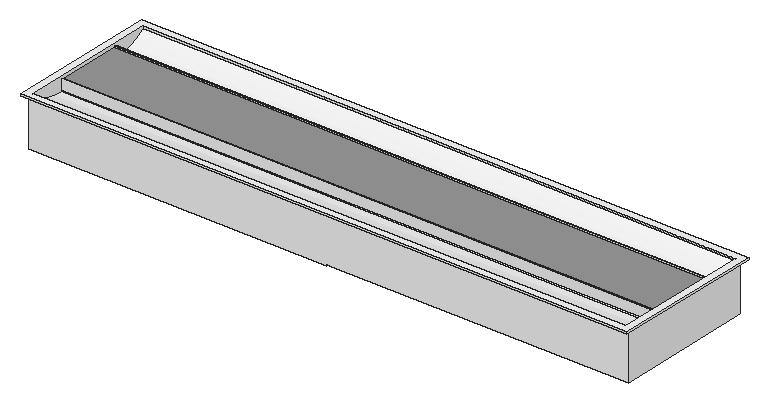
Revit family "2069264 Feilo Sylvania Lighting Fixture OFFICELYTE 1200 HE 3K DALI", category Lighting Fixtures, host Face, Revit 2017
Family settings
  Host = Face
  Round Connector Dimension = Use Diameter
  Part Type = Normal
  OmniClass Number = 23.80.70.11.17
  OmniClass Title = Specialized Lighting by Location or Use
  Cut with Voids When Loaded = No
  Light Source = Yes
  Shared = No
  Room Calculation Point = No
Parameters (values of type "2069264 OFFICELYTE 1200 HE 3K DALI")
  Width = 297.0 mm
  Weight = 5.90 kg
  Wattage = 24 W
  built-in parameter 1150110 = 1 (stored number, unit not read)
  Voltage Comments = "UNV (Universal Voltage; 230-240 Volt)"  # constant formula
  Voltage = 230 V  # constant formula
  URL = "http://www.sylvania-lighting.com"
  built-in parameter 1114217 = 1 (stored number, unit not read)
  Tilt Angle = 90.00°
  built-in parameter 1150109 = 1 (stored number, unit not read)
  built-in parameter 1150134 = (empty or 0)
  built-in parameter 1150113 = 1 (stored number, unit not read)
  Product Page URL = "http://www.sylvania-lighting.com/product/en-int/products/2069264"
  Product Family = "OFFICELYTE LP LED"  # constant formula
  Photometry Comments = ""
  Photometric Web File = "2069264.ies"
  Life = "50 000 h"  # constant formula
  Length = 1197.0 mm
  LOR = "100 %"
  Keynote = "16500"
  IP Rating = "IP40"  # constant formula
  IK Rating = "IK02"  # constant formula
  Glow Wire Test = 650 °C  # constant formula
  Glare Control = "UGR <19"  # constant formula
  Electrical Protection = "CLASS I"  # constant formula
  Diffuser Material = Acrylic_Sylvania_Officelyte LP LED_Satin_4000K
  Height = 95.0 mm
  built-in parameter 1114216 [instance] = 1 (stored number, unit not read)
  Model = "OFFICELYTE 1200 HE 3K DALI"
  Manufacturer = "Havells-Sylvania Group"  # constant formula
  built-in parameter 1150105 = 1780.2 (stored number, unit not read)
  Lumens = 3240 lm
  built-in parameter 1150115 = 1 (stored number, unit not read)
  built-in parameter 1150137 = (empty or 0)
  built-in parameter 1150139 = (empty or 0)
  built-in parameter 1150112 = 1 (stored number, unit not read)
  built-in parameter 1150114 = 1 (stored number, unit not read)
  Lamp = "LED"
  built-in parameter 1150132 = 2
  built-in parameter 1150102 = (empty or 0)
  built-in parameter 1150107 = 3000 (stored number, unit not read)
  built-in parameter 1150138 = (empty or 0)
  built-in parameter 1150106 = 17.802 (stored number, unit not read)
  Reflector Material = Steel_Sylvania_Officelyte LP LED_White_RAL 9016
  Emit from Rectangle Width = 564.0 mm
  Emit from Rectangle Length = 564.0 mm
  Emit Shape Visible in Rendering = no
  built-in parameter 1150104 = 12.542 (stored number, unit not read)
  Dimming Lamp Color Temperature Shift = <None>
  CRI ( Ra ) = 85
  Body Material = Steel_Sylvania_Officelyte LP LED_White_RAL 9016
  Description = "The Concord OFFICELYTE LP LED HO 4K 600 is a high efficient luminaire for Office, education, meeting rooms. With efficacy of 95lm/W, at 4549lm, CRI of 85 and a very low glare ratio according to EN12464."  # constant formula
  Default Elevation = 0.0 mm
  Color Filter = 16777215
  Catalog Number = "2064456 OFFICELYTE LP LED HE 4K 600"
  built-in parameter 1140040 [instance] = 1
  built-in parameter 1114218 = 1 (stored number, unit not read)
  built-in parameter 1150133 = 10 (stored number, unit not read)
  Assembly Code = "D5020200"
  Apparent Load Comments = ""
  Apparent Load = 24 VA
Reference planes
  plane 1 "Center (Front/Back)": x = 0.711
  plane 2: z = 0
  plane 3 "Center (Left/Right)": y = -70.403
  plane 4 "Fixture Bottom": z = 3
  plane 5 "Fixture Right": y = 78.097
  plane 6 "Profile Right": y = 64.597
  plane 7 "Profile Left": y = -205.403
  plane 8 "Fixture Left": y = -218.903
  plane 9 "Profile Back": x = -578.136
  plane 10 "Fixture Back": x = -591.636
  plane 11 "Fixture Front": x = 599.211
  plane 12: z = -25
  plane 13 "Box Right": y = 66.597
  plane 14 "Box Left": y = -207.403
  plane 15 "Box Back": x = -584.886
  plane 16 "Box Front": x = 587.711
  plane 17: y = -3.903
  plane 18: y = -136.903
  plane 19 "Difuser Right": y = -6.903
  plane 20 "Difuser Left": y = -133.903
  plane 21: z = -2
  plane 22: z = -4
  plane 23 "Profile Front": x = 585.711
  plane 24 "Fixture Top": z = -95
  plane 25 "Box Thickness": z = -93
  plane 26: z = -20
  plane 27: x = -597.789
  plane 28: x = 599.211
Forms (mm)
  Extrusion 1, void
    sketch origin (0, 0, 59) x (-1, 0, 0) y (0, -1, 0)
      loop
        line (-587.711, -66.597) -> (584.886, -66.597) -> (584.886, 207.403) -> (-587.711, 207.403) -> (-587.711, -66.597)
    from -152 to -56
  Extrusion 2, solid, material "Steel_Sylvania_Officelyte LP LED_White_RAL 9016" <- "Reflector Material", detail levels fine
    sketch origin (-294.136, -50.403, 59) x (0, -1, 0) y (1, 0, 0)
      loop
        line (-128.5, -297.5) -> (168.5, -297.5) -> (168.5, 893.347) -> (-128.5, 893.347) -> (-128.5, -297.5)
      loop
        line (155, -284) -> (155, 879.847) -> (-115, 879.847) -> (-115, -284) -> (155, -284)
    from -59 to -56
  Extrusion 3, solid, material "Steel_Sylvania_Officelyte LP LED_White_RAL 9016" <- "Reflector Material", detail levels fine
    sketch origin (0.711, -70.403, 0) x (0, 1, 0) y (0, 0, 1)
      loop
        arc (-65.868, -23.244) -> (-102.251, -17.422) -> (-135, -0.537) r 116.591
        line (-135, -0.537) -> (-135, -2.581)
        arc (-135, -2.581) -> (-102.244, -19.433) -> (-65.868, -25.244) r 116.772
        line (-65.868, -25.244) -> (65.87, -25.244)
        arc (65.87, -25.244) -> (102.245, -19.434) -> (135, -2.581) r 116.769
        line (135, -2.581) -> (135, -0.538)
        arc (135, -0.538) -> (102.252, -17.422) -> (65.87, -23.244) r 116.587
        line (65.87, -23.244) -> (-65.868, -23.244)
    from -578.847 to 585
  Extrusion 4, solid, material "Steel_Sylvania_Officelyte LP LED_White_RAL 9016" <- "Reflector Material", detail levels fine
    sketch origin (-294.136, -70.403, 59) x (0, -1, 0) y (1, 0, 0)
      loop
        line (135, -284) -> (135, 879.847) -> (-135, 879.847) -> (-135, -284) -> (135, -284)
      loop
        line (137, -290.75) -> (137, 886.648) -> (-137, 886.648) -> (-137, -290.75) -> (137, -290.75)
    from -152 to -59
  Extrusion 5, solid, material "Steel_Sylvania_Officelyte LP LED_White_RAL 9016" <- "Reflector Material", detail levels fine
    sketch origin (0, 0, 59) x (-1, 0, 0) y (0, -1, 0)
      loop
        line (578.136, 133.903) -> (578.136, 136.903) -> (-585.711, 136.903) -> (-585.711, 133.903) -> (578.136, 133.903)
      loop
        line (-585.711, 6.903) -> (-585.711, 3.903) -> (578.136, 3.903) -> (578.136, 6.903) -> (-585.711, 6.903)
    from -79 to -59
  Extrusion 6, solid, material "Acrylic_Sylvania_Officelyte LP LED_Satin_4000K" <- "Diffuser Material", detail levels fine
    sketch origin (0, 0, -581) x (-1, 0, 0) y (0, -1, 0)
      loop
        line (578.136, 133.903) -> (-585.711, 133.903) -> (-585.711, 6.903) -> (578.136, 6.903) -> (578.136, 133.903)
    from 577 to 579
  Extrusion 7, solid, material "Steel_Sylvania_Officelyte LP LED_White_RAL 9016" <- "Body Material", detail levels coarse+medium
    sketch origin (-294.136, -70.403, 59) x (0, -1, 0) y (1, 0, 0)
      loop
        line (148.5, -297.5) -> (148.5, 893.347) -> (-148.5, 893.347) -> (-148.5, -297.5) -> (148.5, -297.5)
    from -59 to -56
  Extrusion 8, solid, material "Steel_Sylvania_Officelyte LP LED_White_RAL 9016" <- "Body Material", detail levels coarse+medium
    sketch origin (0, 0, -501) x (-1, 0, 0) y (0, -1, 0)
      loop
        line (584.886, -66.597) -> (584.886, 207.403) -> (-587.711, 207.403) -> (-587.711, -66.597) -> (584.886, -66.597)
    from 406 to 501
  Extrusion 9, solid, material "Steel_Sylvania_Officelyte LP LED_White_RAL 9016" <- "Reflector Material", detail levels fine
    sketch origin (-294.136, -70.403, 59) x (0, -1, 0) y (1, 0, 0)
      loop
        line (-137, -290.75) -> (137, -290.75) -> (137, 294.847) -> (-137, 294.847) -> (-137, -290.75)
    from -154 to -152
Cuts and joins
  joined: Extrusion 2, Extrusion 4, Extrusion 9
  joined: Extrusion 3, Extrusion 5
Lines and regions (mm)
  symbolic lines
    curve 1: line (-591.636, -218.903, 59) -> (-591.636, 78.097, 59)
    curve 2: line (599.211, -218.903, 59) -> (-591.636, -218.903, 59)
    curve 3: line (599.211, 78.097, 59) -> (599.211, -218.903, 59)
    curve 4: line (-591.636, 78.097, 59) -> (599.211, 78.097, 59)
Dimensions and locks
  "Height": host face to plane 24 "Fixture Top"
  locked: plane 25 "Box Thickness" to plane 24 "Fixture Top" at 2
  plane 18 to plane 20 "Difuser Left" = 3.0 mm
  plane 19 "Difuser Right" to plane 17 = 3.0 mm
  plane 8 "Fixture Left" to plane 14 "Box Left" to plane 7 "Profile Left" = 11.5 mm, 2.0 mm
  plane 10 "Fixture Back" to plane 15 "Box Back" to plane 9 "Profile Back" = 6.75 mm, 6.75 mm
  plane 6 "Profile Right" to plane 13 "Box Right" to plane 5 "Fixture Right" = 2.0 mm, 11.5 mm
  plane 23 "Profile Front" to plane 16 "Box Front" to plane 11 "Fixture Front" = 2.0 mm, 11.5 mm
  plane 4 "Fixture Bottom" to plane 2 to plane 21 to plane 22 to plane 12 = 3.0 mm locked, 2.0 mm locked, 2.0 mm locked, 21.0 mm locked
  equal spacing: plane 8 "Fixture Left", plane 3 "Center (Left/Right)", plane 5 "Fixture Right", locked at 148.5 each
  "Width": plane 8 "Fixture Left" to plane 5 "Fixture Right"
  equal spacing: plane 27, plane 1 "Center (Front/Back)", plane 28, locked at 598.5 each
  "Length": plane 27 to plane 28
  aligned and locked: plane 2 to host face
  aligned and locked: level to host face
  aligned and locked: Extrusion 2 to plane 10 "Fixture Back"
  aligned and locked: Extrusion 2 to plane 8 "Fixture Left"
  aligned and locked: plane 7 "Profile Left" to Extrusion 2
  aligned and locked: plane 5 "Fixture Right" to Extrusion 2
  aligned and locked: Extrusion 2 to plane 6 "Profile Right"
  aligned and locked: plane 4 "Fixture Bottom" to Extrusion 2
  aligned and locked: plane 21 to Extrusion 6
  aligned and locked: Extrusion 6 to plane 22
  aligned and locked: Extrusion 7 sketch curve to plane 10 "Fixture Back"
  aligned and locked: plane 5 "Fixture Right" to Extrusion 7 sketch curve
  aligned and locked: Extrusion 8 to plane 24 "Fixture Top"
  aligned and locked: level to Extrusion 8
  aligned and locked: Extrusion 4 sketch curve to plane 9 "Profile Back"
  aligned and locked: Extrusion 4 to Extrusion 1
  aligned and locked: Extrusion 1 to imposter light
  aligned and locked: Extrusion 9 to plane 24 "Fixture Top"
  aligned and locked: plane 25 "Box Thickness" to Extrusion 9
  aligned and locked: cut or joined group of Extrusion 2, Extrusion 4, Extrusion 9 to plane 25 "Box Thickness"
  aligned and locked: Extrusion 4 sketch curve to plane 13 "Box Right"
  aligned and locked: plane 15 "Box Back" to Extrusion 4 sketch curve
  aligned and locked: Extrusion 4 sketch curve to plane 14 "Box Left"
  aligned and locked: plane 13 "Box Right" to Extrusion 9 sketch curve
  aligned and locked: Extrusion 9 sketch curve to plane 15 "Box Back"
  aligned and locked: Extrusion 9 sketch curve to plane 14 "Box Left"
  aligned and locked: cut or joined group of Extrusion 3, Extrusion 5 to plane 7 "Profile Left"
  aligned and locked: cut or joined group of Extrusion 3, Extrusion 5 to plane 6 "Profile Right"
  aligned and locked: cut or joined group of Extrusion 3, Extrusion 5 to plane 9 "Profile Back"
  aligned and locked: cut or joined group of Extrusion 3, Extrusion 5 to plane 23 "Profile Front"
  aligned and locked: Extrusion 1 sketch curve to Extrusion 8  (x4)
  aligned and locked: cut or joined group of Extrusion 3, Extrusion 5 to plane 26
  aligned and locked: plane 4 "Fixture Bottom" to imposter light
Automatic sketch dimensions
  host sketch curve to host sketch curve = 1305.563 mm
  host sketch curve to host sketch curve = 1414.187 mm
  plane 5 "Fixture Right" to Extrusion 2 sketch curve = 0.0 mm
  plane 6 "Profile Right" to Extrusion 2 sketch curve = 0.0 mm
  plane 7 "Profile Left" to Extrusion 2 sketch curve = 0.0 mm
  plane 8 "Fixture Left" to Extrusion 2 sketch curve = 0.0 mm
  Extrusion 2 sketch curve to plane 10 "Fixture Back" = 0.0 mm
  Extrusion 2 sketch curve to plane 9 "Profile Back" = 0.0 mm
  Extrusion 2 sketch curve to plane 23 "Profile Front" = 0.0 mm
  Extrusion 2 sketch curve to plane 11 "Fixture Front" = 0.0 mm
  Extrusion 3 sketch curve to plane 7 "Profile Left" = 0.0 mm
  Extrusion 3 sketch curve to plane 6 "Profile Right" = 0.0 mm
  plane 18 to Extrusion 3 sketch curve = 0.632 mm  (x2)
  Extrusion 3 sketch curve to plane 12 = 0.244 mm
  Extrusion 3 sketch curve to plane 17 = 0.63 mm
  Extrusion 3 sketch curve to Extrusion 3 sketch curve = 0.0 mm
  plane 12 to Extrusion 3 sketch curve = 1.756 mm
  Extrusion 3 sketch curve to level = 2.581 mm  (x2)
  Extrusion 3 sketch curve to level = 0.538 mm
  Extrusion 3 sketch curve to level = 0.537 mm
  plane 6 "Profile Right" to Extrusion 4 sketch curve = 0.0 mm
  plane 7 "Profile Left" to Extrusion 4 sketch curve = 0.0 mm
  plane 23 "Profile Front" to Extrusion 4 sketch curve = 0.0 mm
  Extrusion 5 sketch curve to plane 19 "Difuser Right" = 0.0 mm
  Extrusion 5 sketch curve to plane 23 "Profile Front" = 0.0 mm  (x2)
  Extrusion 5 sketch curve to plane 20 "Difuser Left" = 0.0 mm
  Extrusion 5 sketch curve to plane 9 "Profile Back" = 0.0 mm  (x2)
  Extrusion 5 sketch curve to plane 17 = 0.0 mm
  Extrusion 5 sketch curve to plane 18 = 0.0 mm
  Extrusion 6 sketch curve to plane 20 "Difuser Left" = 0.0 mm
  Extrusion 6 sketch curve to plane 23 "Profile Front" = 0.0 mm
  Extrusion 6 sketch curve to plane 9 "Profile Back" = 0.0 mm
  Extrusion 6 sketch curve to plane 19 "Difuser Right" = 0.0 mm
  plane 8 "Fixture Left" to Extrusion 7 sketch curve = 0.0 mm
  Extrusion 7 sketch curve to plane 11 "Fixture Front" = 0.0 mm
  Extrusion 8 sketch curve to plane 13 "Box Right" = 0.0 mm
  Extrusion 8 sketch curve to plane 16 "Box Front" = 0.0 mm
  Extrusion 8 sketch curve to plane 14 "Box Left" = 0.0 mm
  Extrusion 8 sketch curve to plane 15 "Box Back" = 0.0 mm
  Extrusion 4 sketch curve to Extrusion 4 sketch curve = 6.801 mm
  Extrusion 9 sketch curve to plane 1 "Center (Front/Back)" = 0.0 mm
  plane 8 "Fixture Left" to curve 3 = 0.0 mm
  curve 3 to plane 11 "Fixture Front" = 0.0 mm
  curve 2 to plane 10 "Fixture Back" = 0.0 mm
  plane 5 "Fixture Right" to curve 1 = 0.0 mm
